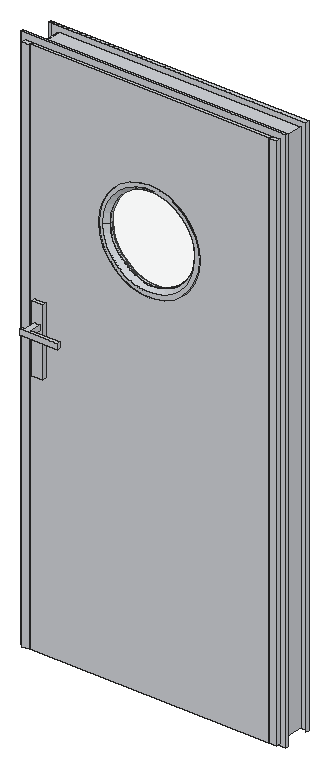
Revit family "Enduro_4", category Drzwi, Revit 2016
Family settings
  Obiekt nadrzędny = Ściana
  Zawsze pionowo = Tak
  Tnij formami wycięć po wczytaniu = Nie
  Współdzielony = Nie
  Punkt obliczania pomieszczeń = Nie
Parameters (values of type "PN 90")
  Wysokość = 2055 mm
  Zakończenie ściany = Wg obiektu nadrzędnego
  URL = "www.porta.com.pl"
  Szerokość = 985 mm
  Ss = 952 mm
  Sb = 964 mm
  Promień_otwór = 188.5 mm
  Producent = "PORTA KMI POLAND"  # constant formula
  Description = ""
  Materiał_skrzydło [instance] = none
  Materiał_ramiak_stal [instance] = none
  Materiał_ościeżnica [instance] = none
  Materiał_klamka [instance] = none
  Konstrukcja analityczna = "<Brak>"
  Informacja = "Własność Porta KMI Poland, wszelkie prawa zastrzeżone."  # constant formula
  Hs = 2030 mm
  Funkcja = Wewnętrzna
Types (5, lengths in mm): name | Szerokość | Ss | Sb | Promień_otwór
  PN 60 | 675 | 644 | 656 | 160
  PN 70 | 775 | 744 | 756 | 160
  PN 80 | 875 | 844 | 856 | 188.5
  PN 90 | 985 | 952 | 964 | 188.5
  PN 100 | 1075 | 1044 | 1056 | 188.5
Reference planes
  plane 1: y = 0
  plane 2 "Środek (Lewa/Prawa)": x = 0
  plane 3 "Lewy": x = -492.5
  plane 4 "Prawy": x = 492.5
  plane 5: z = 2055
  plane 6 "Zewnętrzna": y = 75
  plane 7 "Wewnętrzna": y = -75
  plane 8 "skrzydło": y = -61.695
Forms (mm)
  Sweep 1, solid, material <- "Materiał_ościeżnica"
    path in 3D
      loop
        line (-492.5, -75, 0) -> (-492.5, -75, 2055) -> (492.5, -75, 2055) -> (492.5, -75, 0)
    profile origin (-492.5, -75, 1027.5) x (0, -1, 0) y (1, 0, 0)
      loop
        line (-14.005, 25.5) -> (-14.005, 40.5) -> (-115, 40.5) -> (-115, 10.5) -> (-105, 10.5) -> (-105, 11.7) -> (-113.8, 11.7) -> (-113.8, 39.3) -> (-30.705, 39.3) -> (-30.705, 24.3) -> (8.8, 24.3) -> (8.8, -3.3) -> (0, -3.3) -> (0, -4.5) -> (10, -4.5) -> (10, 25.5) -> (-14.005, 25.5)
Lines and regions (mm)
  Opening 1
    outline origin (-3050, -75, 0) x (1, 0, 0) y (0, 0, 1)
      loop
        line (2557.5, 0) -> (3542.5, 0) -> (3542.5, 2055) -> (2557.5, 2055) -> (2557.5, 0)
  symbolic lines, style "DoorsPanelProjection"
    curve 1: line (476, -75, 0) -> (476, -1027, 0)
    curve 2: line (476, -1027, 0) -> (436, -1027, 0)
    curve 3: line (436, -1027, 0) -> (436, -75, 0)
    curve 4: line (436, -75, 0) -> (476, -75, 0)
  symbolic lines, style "Plan Swing"
    curve 5: arc (-476, -75, 0) -> (-197.166, -748.166, 0) -> (476, -1027, 0) r 952
  sketch lines
    curve 6: line (-492.5, -75, 0) -> (-492.5, -75, 2055)
    curve 7: line (-492.5, -75, 2055) -> (492.5, -75, 2055)
    curve 8: line (492.5, -75, 2055) -> (492.5, -75, 0)
Text (mm)
  text "Zewnętrzna" at (-2295.016, 1099.543, 0), in view "Poziom odniesienia"
  text "Zewnętrzna" at (0, 1615.38, 3698.081), in view "Lewy"
  text "Zewnętrzna" at (0, 1036.032, 3874.932), in view "Prawy"
Dimensions and locks
  equal spacing: plane 3 "Lewy", plane 2 "Środek (Lewa/Prawa)", plane 4 "Prawy"
  "Szerokość": plane 3 "Lewy" to plane 4 "Prawy"
  "Wysokość": plane 5 to host wall
  host wall to plane 5 = 2055 mm  (x2)
  locked: plane 6 "Zewnętrzna" to host wall at 0
  locked: plane 7 "Wewnętrzna" to host wall
  "Ss": curve 2 to plane 7 "Wewnętrzna"
  locked: curve 3 to curve 1 at 40
  equal spacing: curve 5, plane 2 "Środek (Lewa/Prawa)", curve 1
  locked: plane 7 "Wewnętrzna" to plane 8 "skrzydło" at 13.305
  locked: Sweep 1 sketch curve to Sweep 1 sketch curve at 30
  locked: Sweep 1 sketch curve to Sweep 1 sketch curve at 15  (x2)
  "Sb": Sweep 1 to Sweep 1
  equal spacing: nested 1, plane 2 "Środek (Lewa/Prawa)", nested 1
  locked: nested 1 to level at 8
  aligned and locked: plane 3 "Lewy" to Opening 1 sketch curve
  aligned and locked: plane 5 to Opening 1 sketch curve  (x2)
  aligned and locked: Opening 1 sketch curve to plane 4 "Prawy"
  aligned and locked: Opening 1 sketch curve to level
  aligned and locked: plane 1 to host wall
  aligned and locked: Sweep 1 sketch curve to plane 7 "Wewnętrzna"
  aligned and locked: plane 8 "skrzydło" to nested 1
Automatic sketch dimensions
  curve 3 to host wall = 0 mm
  curve 5 to host wall = 0 mm
  profile plane to Sweep 1 sketch curve = 115 mm
  Sweep 1 sketch curve to profile plane = 4.5 mm
  Sweep 1 sketch curve to Sweep 1 sketch curve = 1.2 mm  (x6)
  Sweep 1 sketch curve to Sweep 1 sketch curve = 10 mm
  Sweep 1 sketch curve to Sweep 1 sketch curve = 16.7 mm
  profile plane to Sweep 1 sketch curve = 30.705 mm
  Sweep 1 sketch curve to Sweep 1 sketch curve = 8.8 mm
Nested families
  nested 1: "Enduro_wzór_4" at (0, -61.695, 0), Materiał_skrzydło_płyta <- "Materiał_skrzydło", Materiał_ramiak_stal <- "Materiał_ramiak_stal", Materiał_klamka <- "Materiał_klamka", type "Enduro_wzór_4"
    with Materiał_skrzydło_płyta none, Materiał_ramiak_stal none, Materiał_klamka none
Definition of nested family "Enduro_wzór_4"
  Parameters
    Ss = 952 mm
    Promień_otwór = 188.5 mm
    Materiał_skrzydło_płyta [instance] = none
    Materiał_ramiak_stal [instance] = none
    Materiał_klamka [instance] = none
    Hs = 2030 mm
  Reference planes
    plane 1 "Tył": y = 0
    plane 2: z = 0
    plane 3 "Środek (Lewa/Prawa)": x = 0
    plane 4 "Lewa": x = -476
    plane 5 "Prawa": x = 476
    plane 6 "Przód": y = -40.5
    plane 7: z = 2038
    plane 8 "Centrum": y = -20.25
    plane 9: x = -449
    plane 10: z = 8
    plane 11: x = 449
  Forms (mm)
    Sweep 1, solid, material <- "Materiał_ramiak_stal"
      path origin (0, -20.25, 0) x (-1, 0, 0) y (0, 0, 1)
        loop
          line (449, 2025) -> (449, 8)
      profile "Profil_rama : Profil_rama" origin (-449, -20.25, 1016.5) x (-1, 0, 0) y (0, 1, 0)
        loop
          line (14, 20.9) -> (0, 20.9) -> (0, -5.6) -> (14, -5.6) -> (14, 20.9)
    Sweep 2, solid, material <- "Materiał_ramiak_stal"
      path origin (0, -20.25, 0) x (-1, 0, 0) y (0, 0, 1)
        loop
          line (449, 2038) -> (449, 8)
      profile "Profil_rama_przylga : Profil_rama_przylga" origin (-449, -20.25, 1023) x (-1, 0, 0) y (0, 1, 0)
        loop
          line (27, -5.6) -> (0, -5.6) -> (0, -20.9) -> (27, -20.9) -> (27, -5.6)
    Sweep 3, solid, material <- "Materiał_ramiak_stal"
      path origin (0, -20.25, 0) x (1, 0, 0) y (0, 0, 1)
        loop
          line (449, 2025) -> (449, 8)
      profile "Profil_rama : Profil_rama" origin (449, -20.25, 1016.5) x (-1, 0, 0) y (0, 1, 0)
        loop
          line (-14, 20.9) -> (-14, -5.6) -> (0, -5.6) -> (0, 20.9) -> (-14, 20.9)
    Sweep 4, solid, material <- "Materiał_ramiak_stal"
      path origin (0, -20.25, 0) x (1, 0, 0) y (0, 0, 1)
        loop
          line (449, 2038) -> (449, 8)
      profile "Profil_rama_przylga : Profil_rama_przylga" origin (449, -20.25, 1023) x (-1, 0, 0) y (0, 1, 0)
        loop
          line (-27, -5.6) -> (-27, -20.9) -> (0, -20.9) -> (0, -5.6) -> (-27, -5.6)
    Extrusion 5, solid, material <- "Materiał_skrzydło_płyta"
      sketch origin (0, 0, 0) x (1, 0, 0) y (0, 0, 1)
        loop
          line (-449, 2025) -> (-449, 8) -> (449, 8) -> (449, 2025) -> (-449, 2025)
        loop
          circle (0, 1535) r 188.5
      from 0 to 25.85
    Extrusion 6, solid, material <- "Materiał_skrzydło_płyta"
      sketch origin (0, -40.5, 0) x (-1, 0, 0) y (0, 0, 1)
        loop
          line (449, 2038) -> (-449, 2038) -> (-449, 8) -> (449, 8) -> (449, 2038)
        loop
          circle (0, 1535) r 188.5
      from 0 to 14.65
    Sweep 7, solid, material <- "Materiał_ramiak_stal"
      path origin (0, -20.25, 0) x (-1, 0, 0) y (0, 0, 1)
        loop
          circle (0, 1535) r 188.5
      profile "Profil_ramka_wewnętrzna : Profil_ramka_wewnętrzna" origin (0, -20.25, 1723.5) x (0, 0, 1) y (0, 1, 0)
        loop
          line (0, -21.053) -> (0, 21.053) -> (-15.997, 21.053) -> (-30.001, 4.943) -> (-30.001, -4.943) -> (-15.997, -21.053) -> (0, -21.053)
    Extrusion 8, solid
      sketch origin (0, -20.25, 0) x (-1, 0, 0) y (0, 0, 1)
        loop
          circle (0, 1535) r 158.499
      from 4.3 to -4.3
  Lines and regions (mm)
    symbolic lines
      curve 1: line (-476, -40.5, 8) -> (-476, -40.5, 2038)
      curve 2: line (-476, -40.5, 2038) -> (476, -40.5, 2038)
      curve 3: line (476, -40.5, 2038) -> (476, -40.5, 8)
      curve 4: line (476, -40.5, 8) -> (-476, -40.5, 8)
      curve 5: line (-449, -40.5, 8) -> (-449, -40.5, 2038)
      curve 6: line (449, -40.5, 2038) -> (449, -40.5, 8)
      curve 7: arc (188.5, -40.5, 1535) -> (0, -40.5, 1723.5) -> (-188.5, -40.5, 1535) r 188.5
      curve 8: arc (-158.499, -40.5, 1535) -> (0, -40.5, 1693.499) -> (158.499, -40.5, 1535) r 158.499
      curve 9: arc (-188.5, -40.5, 1535) -> (0, -40.5, 1346.5) -> (188.5, -40.5, 1535) r 188.5
      curve 10: arc (158.499, -40.5, 1535) -> (0, -40.5, 1376.501) -> (-158.499, -40.5, 1535) r 158.499
  Dimensions and locks
    equal spacing: plane 4 "Lewa", plane 3 "Środek (Lewa/Prawa)", plane 5 "Prawa"
    "Ss": plane 4 "Lewa" to plane 5 "Prawa"
    equal spacing: plane 1 "Tył", plane 8 "Centrum", plane 6 "Przód"
    locked: plane 4 "Lewa" to plane 9 at 27
    locked: plane 10 to level at 8
    "Hs": plane 7 to plane 10
    locked: plane 5 "Prawa" to plane 11 at 27
    locked: plane 9 to nested 1 at 20.956
    locked: nested 1 to plane 10 at 933.008
    locked: nested 3 to Extrusion 5 at 20.956
    locked: plane 10 to nested 3 at 933.008
    "Promień_otwór": radius of Sweep 7 sketch curve
    "Promień_otwór": radius of Extrusion 6 sketch curve
    radius of Extrusion 5 sketch curve = 188.5 mm
    aligned and locked: Sweep 1 sketch curve to plane 9
    aligned and locked: plane 10 to Sweep 1 sketch curve
    aligned and locked: plane 9 to Sweep 2 sketch curve
    aligned and locked: plane 7 to Sweep 2 sketch curve
    aligned and locked: plane 10 to Sweep 2 sketch curve
    aligned and locked: plane 11 to Sweep 3 sketch curve
    aligned and locked: Sweep 4 sketch curve to plane 11
    aligned and locked: plane 9 to Extrusion 5 sketch curve
    aligned and locked: Extrusion 5 sketch curve to plane 11
    aligned and locked: plane 10 to Extrusion 5 sketch curve
    aligned and locked: Extrusion 5 to Sweep 2
    aligned and locked: Extrusion 6 sketch curve to plane 9
    aligned and locked: plane 11 to Extrusion 6 sketch curve
    aligned and locked: Extrusion 6 sketch curve to plane 10
    aligned and locked: Extrusion 6 sketch curve to plane 7
    aligned and locked: Extrusion 6 to Extrusion 5
    aligned and locked: nested 1 to plane 6 "Przód"
    aligned and locked: curve 1 to Sweep 2
    aligned and locked: curve 2 to Extrusion 6
    aligned and locked: curve 3 to Sweep 4
    aligned and locked: curve 4 to Extrusion 6
    aligned and locked: curve 5 to Extrusion 6
    aligned and locked: curve 6 to Extrusion 6
    aligned and locked: Extrusion 5 sketch curve to Extrusion 6  (x2)
    aligned and locked: Extrusion 8 sketch curve to Sweep 7  (x2)
    aligned and locked: plane 3 "Środek (Lewa/Prawa)" to nested 2
    aligned and locked: curve 7 to Sweep 7
    aligned and locked: curve 8 to Extrusion 8
    aligned and locked: curve 9 to Sweep 7
    aligned and locked: curve 10 to Extrusion 8
  Automatic sketch dimensions
    Sweep 1 sketch curve to plane 7 = 13 mm
    Sweep 3 sketch curve to plane 10 = 0 mm
    plane 7 to Sweep 3 sketch curve = 13 mm
    Sweep 4 sketch curve to plane 10 = 0 mm
    Sweep 4 sketch curve to plane 7 = 0 mm
    Extrusion 5 sketch curve to plane 7 = 13 mm
    curve 6 to plane 10 = 0 mm
    curve 6 to plane 11 = 0 mm
    curve 5 to plane 9 = 0 mm
    curve 3 to plane 7 = 0 mm
    Extrusion 6 sketch curve to plane 7 = 503 mm
    Extrusion 6 sketch curve to plane 3 "Środek (Lewa/Prawa)" = 0 mm
    Sweep 7 sketch curve to plane 3 "Środek (Lewa/Prawa)" = 0 mm
    Sweep 7 sketch curve to plane 7 = 503 mm
  Nested families
    nested 1: "KLAMKA" at (-408.044, -40.5, 1066.008), Materiał klamki <- "Materiał_klamka", type "KLAMKA"
      with Materiał klamki none
    nested 2: "logo_porta" at (0, 0, 110) x (1, 0, 0) z (0, -1, 0), type "logo_porta"
    nested 3: "KLAMKA" at (-408.044, 0, 1066.008), Materiał klamki <- "Materiał_klamka", type "KLAMKA"
      with Materiał klamki none
  Definition of nested family "KLAMKA"
    Parameters
      Materiał klamki [instance] = none
      Assembly Code = ""
      Default Elevation = 1219.2 mm
    Reference planes
      plane 1 "Center (Front/Back)": y = 0
      plane 2: z = 0
      plane 3 "Center (Left/Right)": x = 0
      plane 4: z = 125
      plane 5: z = -125
      plane 6: x = 20
      plane 7: x = -20
      plane 8: y = -70
      plane 9: y = -60
      plane 10: x = 10
      plane 11: x = -10
      plane 12: x = 120
      plane 13: z = 35
      plane 14: z = 55
      plane 15: y = -15
    Forms (mm)
      Extrusion 1, solid, material <- "Materiał klamki"
        sketch origin (0, 0, 0) x (1, 0, 0) y (0, 0, 1)
          loop
            line (-20, 125) -> (-20, -125) -> (20, -125) -> (20, 125) -> (-20, 125)
        from 0 to 15
      Extrusion 2, solid, material <- "Materiał klamki"
        sketch origin (0, 0, 0) x (1, 0, 0) y (0, 1, 0)
          loop
            line (-10, -15) -> (-10, -60) -> (-20, -60) -> (-20, -70) -> (120, -70) -> (120, -60) -> (10, -60) -> (10, -15) -> (-10, -15)
        from 35 to 55
    Dimensions and locks
      equal spacing: plane 4, plane 2, plane 5
      plane 4 to plane 5 = 250 mm
      equal spacing: plane 7, plane 3 "Center (Left/Right)", plane 6
      plane 7 to plane 6 = 40 mm
      plane 8 to plane 1 "Center (Front/Back)" = 70 mm
      plane 11 to plane 3 "Center (Left/Right)" to plane 10 = 10 mm locked, 10 mm locked
      plane 7 to plane 12 = 140 mm
      plane 15 to plane 1 "Center (Front/Back)" = 15 mm
      aligned and locked: plane 7 to Extrusion 1 sketch curve
      aligned and locked: Extrusion 1 sketch curve to plane 4
      aligned and locked: plane 5 to Extrusion 1 sketch curve
      aligned and locked: Extrusion 1 sketch curve to plane 6
      aligned and locked: plane 15 to Extrusion 1
      aligned and locked: Extrusion 1 to plane 1 "Center (Front/Back)"
      aligned and locked: plane 14 to Extrusion 2
      aligned and locked: Extrusion 2 to plane 13
    Automatic sketch dimensions
      Extrusion 2 sketch curve to plane 7 = 0 mm
      Extrusion 2 sketch curve to plane 9 = 0 mm  (x2)
      Extrusion 2 sketch curve to plane 11 = 0 mm
      Extrusion 2 sketch curve to plane 10 = 0 mm
      Extrusion 2 sketch curve to plane 12 = 0 mm
      Extrusion 2 sketch curve to plane 8 = 0 mm
      Extrusion 2 sketch curve to plane 15 = 0 mm
  Definition of nested family "logo_porta"
    Reference planes
      plane 1 "Środek (Przód/Tył)": y = 0
      plane 2: z = 0
      plane 3 "Środek (Lewa/Prawa)": x = 0
